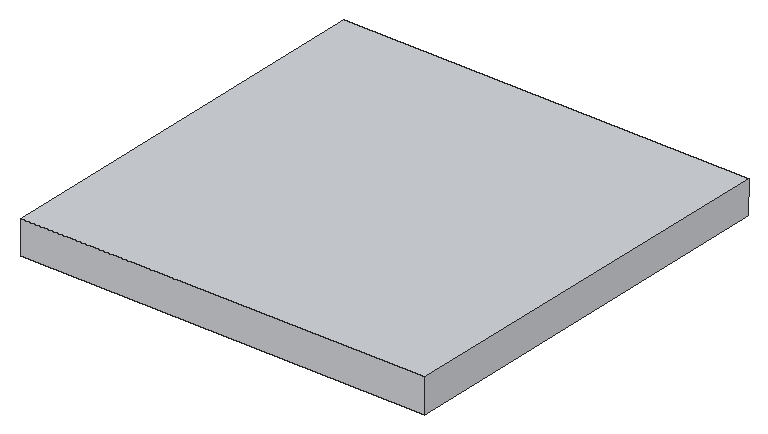
Revit family "cef4ba964ef64ad4a8b2a2a36095af47", category Air Terminals, host Face, Revit 2021
Family settings
  Host = Face
  Round Connector Dimension = Use Diameter
  Part Type = Normal
  OmniClass Number = 23.75.70.21.27
  OmniClass Title = Air Outlets and Inlets
  Seek Item ID = Rectangular Duct Connector - Supply Air - Air Terminal-0000-USA-ENU
  Cut with Voids When Loaded = No
  Shared = No
  Room Calculation Point = No
Parameters (values of type "Standard")
  Width = 12"
  TopArrowVisible [instance] = yes
  Thickness = 1"
  RightArrowVisible [instance] = yes
  LeftArrowVisible [instance] = yes
  Height = 12"
  Flow [instance] = 100 CFM
  Default Elevation = 0' - 0"
  BottomArrowVisible [instance] = yes
  Assembly Code = ""
  Arrow Offset = 1' - 8.4974"
Reference planes (in)
  plane 1 "Center (Front/Back)": y = 0
  plane 2: z = 0
  plane 3 "Center (Left/Right)": x = 0
Forms (in)
  Sweep 1, solid
    path in 3D
      loop
        line (0, 0, 0) -> (0, 0, 1)
    profile "Duct - Rectangular : Duct - Rectangular" origin (0, 0, 0.5) x (0, -1, 0) y (1, 0, 0)
      loop
        line (-6, 6) -> (-6, -6) -> (6, -6) -> (6, 6) -> (-6, 6)
Lines and regions (in)
  reference lines
    curve 1: line (0, 0, 0) -> (0, 0, 1)
  sketch lines
    curve 2: line (0, 0, 0) -> (0, 0, 1)
Dimensions and locks (in)
  "Thickness": curve 1 to curve 1
  "Arrow Offset": plane 3 "Center (Left/Right)" to nested 1
  "Arrow Offset": nested 2 to plane 1 "Center (Front/Back)"
  "Arrow Offset": nested 3 to plane 3 "Center (Left/Right)"
  "Arrow Offset": nested 4 to plane 1 "Center (Front/Back)"
  aligned and locked: plane 2 to host face
  aligned and locked: level to host face
  aligned and locked: host face to curve 1
  aligned and locked: curve 1 to plane 1 "Center (Front/Back)"
  aligned and locked: plane 1 "Center (Front/Back)" to nested 1
  aligned and locked: nested 2 to plane 3 "Center (Left/Right)"
  aligned and locked: nested 3 to plane 1 "Center (Front/Back)"
  aligned and locked: plane 3 "Center (Left/Right)" to nested 4
Automatic sketch dimensions
  host sketch curve to host sketch curve = 8' - 0"  (x2)
Nested families (in)
  nested 1: "Duct Terminal Arrow" at (20.4974, 0, 0), visible <- "RightArrowVisible", type "Duct Terminal Arrow"
  nested 2: "Duct Terminal Arrow" at (0, -20.4974, 0) x (0, -1, 0) z (0, 0, 1), visible <- "BottomArrowVisible", type "Duct Terminal Arrow"
  nested 3: "Duct Terminal Arrow" at (-20.4974, 0, 0) x (-1, 0, 0) z (0, 0, 1), visible <- "LeftArrowVisible", type "Duct Terminal Arrow"
  nested 4: "Duct Terminal Arrow" at (0, 20.4974, 0) x (0, 1, 0) z (0, 0, 1), visible <- "TopArrowVisible", type "Duct Terminal Arrow"
Connectors (in)
  hvac at (0, 0, 1), driven by "Height", driven by "Width", driven by "Flow"
    settings: on Sweep 1, index 1, duct flow 100 CFM, flow factor 0, pres drop 0.00 in-wg, loss coef 0, conn angle 0.00°, conn width 12", conn height 12", conn diameter 24", duct sys type 1, conn prof type 1, flow config 1, flow direction 1, loss method 0, conn ref index -1, conn util no, is conn primary yes, conn desc ""
Definition of nested family "Duct Terminal Arrow"
  Reference planes (in)
    plane 1: y = 0
    plane 2: x = 0
  Lines and regions (in)
    Filled region 1, type "Solid Black"
      outline origin (-0.75, 0, 0) x (1, 0, 0) y (0, 1, 0)
        loop
          line (1, 0) -> (0.875, 0.0455) -> (0.875, -0.0455) -> (1, 0)
    detail lines
      curve 1: line (0, 0, 0) -> (0.25, 0, 0)
  Dimensions and locks (in)
    aligned and locked: plane 2 to curve 1
